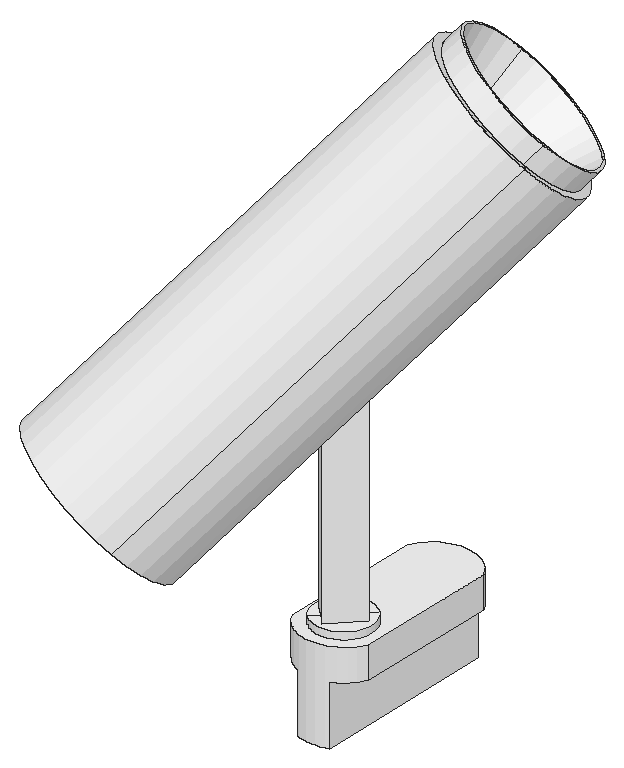
Revit family "0005526", category Lighting Fixtures, host Face, Revit 2017
Family settings
  Host = Face
  Round Connector Dimension = Use Diameter
  Part Type = Normal
  OmniClass Number = 23.80.70.00
  OmniClass Title = Lighting
  Cut with Voids When Loaded = No
  Light Source = No
  Shared = No
  Room Calculation Point = No
Parameters (values of type "0005526 LENZO L 32W 2000LM 930 GLB O/B WHITE - WB")
  Weight = "n/a"
  Wattage Comments = ""
  WarrantyStartDate [instance] = "n/a"
  WarrantyGuarantorParts = "n/a"
  WarrantyDurationUnit = "n/a"
  WarrantyDurationParts = "n/a"
  WarrantyDescription = "n/a"
  Voltage = 230 V
  VerticalRotation_SYL [instance] = 45.00°
  VerticalEndAngle_SYL [instance] = VerticalRotation_SYL - 180.00°  # -135.00°
  URL = "http://www.sylvania-lighting.com"
  TypeName = "LENZO L 32W 2000LM 930 GLB ON BOARD DIMMING WHITE - WB"
  TypeHead_SYL = Lenzo Head : 0005526 LENZO L 32W 2000LM 930 GLB O/B WHITE - WB
  Type Image = <None>
  Type Comments = "n/a"
  SerialNumber [instance] = "n/a"
  Material_3_SYL = none
  PowerFactor = 0
  PowerConsumption = "28 W"
  NominalLength = 76 mm
  NominalHeight = 305 mm
  NominalDepth = 76 mm
  Name = "LENZO L 32W 2000LM 930 GLB ON BOARD DIMMING WHITE - WB"
  ModelReference = Name  # "LENZO L 32W 2000LM 930 GLB ON BOARD DIMMING WHITE - WB"
  ModelNumber = "0005526"
  Model = Name  # "LENZO L 32W 2000LM 930 GLB ON BOARD DIMMING WHITE - WB"
  Material = "aluminium housing, none diffuser"
  ManufacturerName = "Feilo Sylvania"
  Manufacturer = "Feilo Sylvania"
  LuminousEfficacy = "70 lm/W"
  LuminaireType = ""
  LightOutputRatio = "n/a"
  LampsType = Lamp  # "LED"
  LampNominalLuminous = "1000/2000 lm"
  LampMacAdamStep = "3"
  LampColourTemperature = "3000 K"
  LampColourRenderingIndex = "90"
  Lamp = "LED"
  Keynote = "16500"
  InstallationDate [instance] = "n/a"
  InputVoltage = "220-240 V AC"
  InputNominalFrequency = "50/60 Hz"
  IngressProtection = "IP20"
  ImpactProtectionIndex = "IK02"
  IfcExportType = "IfcLightFixtureType"
  IfcExportAs = "IfcLightFixtureType"
  HorizontalRotation_SYL [instance] = -45.00°
  ExpectedLife = 50000
  ElectricShockClassification = "Class I"
  DurationUnit = "hours"
  DocumentationLiterature = "http://www.sylvania-lighting.com/product/en-int/products/0005526"
  DimmingControlOptions = "on board dimming"
  Material_2_SYL = Spacer-Sylvania-StartTrackSpot-Aluminium
  Description = "LENZO L 32W 2000LM 930 GLB O/B WHITE - WB"
  Default Elevation = 1219.2 mm
  CreatedOn = "9/25/2019"
  CreatedBy = "@sylvania-lighting.com"
  Cost = 0
  built-in parameter 1114216 [instance] = (empty or 0)
  ClassificationValue = "EF_70_80"
  ClassificationName = "Uniclass2015"
  Material_1_SYL = Body-Sylvania-StartTrackSpot-White
  BarCode [instance] = "n/a"
  AssetType = "Fixed"
  AssetIdentifier [instance] = "n/a"
  Assembly Code = "D5020200"
  Apparent Load = 28 VA
  Material_4_SYL = none
Types (2, lengths in mm): name | TypeName | TypeHead_SYL | Name | ModelReference | Model | Description
  0005526 LENZO L 32W 2000LM 930 GLB O/B WHITE - WB | "LENZO L 32W 2000LM 930 GLB ON BOARD DIMMING WHITE - WB" | Lenzo Head : 0005526 LENZO L 32W 2000LM 930 GLB O/B WHITE - WB | "LENZO L 32W 2000LM 930 GLB ON BOARD DIMMING WHITE - WB" | "LENZO L 32W 2000LM 930 GLB ON BOARD DIMMING WHITE - WB" | "LENZO L 32W 2000LM 930 GLB ON BOARD DIMMING WHITE - WB" | "LENZO L 32W 2000LM 930 GLB O/B WHITE - WB"
  0005526 LENZO L 32W 2000LM 930 GLB O/B WHITE - NB | "LENZO L 32W 2000LM 930 GLB ON BOARD DIMMING WHITE - NB" | Lenzo Head : 0005526 LENZO L 32W 2000LM 930 GLB O/B WHITE - NB | "LENZO L 32W 2000LM 930 GLB ON BOARD DIMMING WHITE - NB" | "LENZO L 32W 2000LM 930 GLB ON BOARD DIMMING WHITE - NB" | "LENZO L 32W 2000LM 930 GLB ON BOARD DIMMING WHITE - NB" | "LENZO L 32W 2000LM 930 GLB O/B WHITE - NB"
Reference planes
  plane 1 "Center (Front/Back)": y = 0
  plane 2: z = 0
  plane 3 "Center (Left/Right)": x = 0
  plane 4: x = 16.6
  plane 5: x = -16.6
  plane 6: x = 7
  plane 7: x = -7
  plane 8: x = -12.8
  plane 9: y = 42
  plane 10: y = 42
  plane 11: y = -42
  plane 12: y = 31.4
  plane 13: y = -31.4
  plane 14: z = -26
  plane 15: z = 14
  plane 16: z = 14
  plane 17: y = -17.4
  plane 18: y = -6.8
  plane 19: y = -24.4
Forms (mm)
  Extrusion 1, solid, material "Body-Sylvania-StartTrackSpot-White" <- "Material_1_SYL"
    sketch origin (0, 0, 0) x (1, 0, 0) y (0, 1, 0)
      loop
        line (-16.6, 31.4) -> (-16.6, -31.4)
        arc (-16.6, -31.4) -> (0, -42) -> (16.6, -31.4) r 18.298
        line (16.6, -31.4) -> (16.6, 31.4)
        arc (16.6, 31.4) -> (0, 42) -> (-16.6, 31.4) r 18.298
    from -26 to 14
  Extrusion 2, void
    sketch origin (0, 0, 0) x (1, 0, 0) y (0, 1, 0)
      loop
        arc (-7, 40.608) -> (-12.666, 36.907) -> (-16.6, 31.4) r 18.298
        line (-16.6, 31.4) -> (-16.6, -31.4)
        arc (-16.6, -31.4) -> (-12.666, -36.907) -> (-7, -40.608) r 18.298
        line (-7, -40.608) -> (-7, 40.608)
      loop
        line (16.6, -31.4) -> (16.6, 31.4)
        arc (16.6, 31.4) -> (12.666, 36.907) -> (7, 40.608) r 18.298
        line (7, 40.608) -> (7, -40.608)
        arc (7, -40.608) -> (12.666, -36.907) -> (16.6, -31.4) r 18.298
    from 0 to -26
  Revolve 3, solid, not visible
    sketch origin (1524, -24.4, 1219.2) x (1, 0, 0) y (0, 0, 1)
      loop
        line (-1524, -1202.5) -> (-1524, -1183.235) -> (-1531, -1183.235) -> (-1531, -1202.5) -> (-1524, -1202.5)
      axis (-1524, -1183.235) -> (-1524, -1202.5)
    angle from 45 <- "VerticalRotation_SYL" to -135 <- "VerticalEndAngle_SYL"
Cuts and joins
  Extrusion 2 cuts Extrusion 1
Lines and regions (mm)
  reference lines
    curve 1: circle (0, -24.4, 0) r 12.7 normal (0, 0, 1)
    curve 2: arc (-16.6, -31.4, 0) -> (0, -42, 0) -> (16.6, -31.4, 0) r 18.298
    curve 3: arc (-16.6, -17.4, 0) -> (0, -6.8, 0) -> (16.6, -17.4, 0) r 18.298
    curve 4: arc (-16.6, 31.4, 0) -> (0, 42, 0) -> (16.6, 31.4, 0) r 18.298
Dimensions and locks
  plane 6 to plane 3 "Center (Left/Right)" to plane 7 = 7 mm locked, 7 mm locked
  plane 4 to plane 3 "Center (Left/Right)" to plane 5 = 16.6 mm locked, 16.6 mm locked
  locked: plane 3 "Center (Left/Right)" to plane 8 at 12.8
  plane 11 to plane 1 "Center (Front/Back)" to plane 10 = 42 mm locked, 42 mm locked
  plane 13 to plane 1 "Center (Front/Back)" to plane 12 = 31.4 mm locked, 31.4 mm locked
  locked: plane 2 to plane 14 at 26
  locked: plane 13 to plane 17 at 14
  locked: plane 17 to plane 18 at 10.6
  equal spacing: plane 13, plane 19, plane 17
  locked: plane 19 to curve 2 at 0.698
  locked: curve 3 to plane 19 at 0.698
  locked: plane 16 to plane 2 at 14
  aligned and locked: plane 2 to host face
  aligned and locked: level to host face
  aligned and locked: plane 3 "Center (Left/Right)" to curve 1
  aligned and locked: plane 19 to curve 1
  aligned and locked: plane 13 to curve 2  (x2)
  aligned and locked: plane 17 to curve 3  (x2)
  aligned and locked: plane 12 to curve 4  (x2)
  aligned and locked: plane 4 to curve 4
  aligned and locked: plane 3 "Center (Left/Right)" to curve 4
  aligned and locked: plane 5 to curve 2
  aligned and locked: plane 5 to curve 3
  aligned and locked: plane 4 to curve 3
  aligned and locked: plane 4 to curve 2
  aligned and locked: plane 12 to Extrusion 1 sketch curve
  aligned and locked: plane 13 to Extrusion 1 sketch curve
  aligned and locked: Extrusion 1 sketch curve to curve 4
  aligned and locked: Extrusion 1 sketch curve to curve 2
  aligned and locked: Extrusion 1 to plane 15
  aligned and locked: plane 14 to Extrusion 1
  aligned and locked: Extrusion 2 sketch curve to Extrusion 1  (x5)
  aligned and locked: Extrusion 2 sketch curve to plane 7
  aligned and locked: plane 14 to Extrusion 2
  aligned and locked: level to Extrusion 2
  aligned and locked: Revolve 3 sketch curve to plane 3 "Center (Left/Right)"
  aligned and locked: plane 16 to nested 1
  aligned and locked: plane 16 to plane 15
Automatic sketch dimensions
  plane 12 to curve 4 = 7.698 mm
  plane 12 to Extrusion 2 sketch curve = 0 mm
  Extrusion 2 sketch curve to Extrusion 2 sketch curve = 0 mm  (x2)
  Extrusion 2 sketch curve to plane 6 = 0 mm
  Revolve 3 sketch curve to plane 7 = 0 mm
  Revolve 3 sketch curve to Revolve 3 sketch curve = 19.265 mm
  plane 14 to Revolve 3 sketch curve = 583.6 mm
  Revolve 3 sketch curve to Revolve 3 sketch curve = 2558.594 mm
  Revolve 3 sketch curve to plane 3 "Center (Left/Right)" = 0 mm
  host sketch curve to host sketch curve = 200 mm  (x2)
  Revolve 3 sketch curve to plane 16 = 2.7 mm
  radius of curve 1 = 12.7 mm
Nested families
  nested 1: "Lenzo Arm" at (0, -24.4, 14) x (0, 0, -1) z (0.7071, 0.7071, 0), HorizontalRotation_SYL <- "HorizontalRotation_SYL", type "START Track Spot Integral WH"
    with HorizontalRotation_SYL -45.00°, HorizontalEndAngle_SYL -225.00°
  nested 2: "Lenzo Head" at (-14.453, -38.853, 130.44) x (0.7071, -0.7071, 0) z (-0.5, -0.5, -0.7071), type <- "TypeHead_SYL", type "0005526 LENZO L 32W 2000LM 930 GLB O/B WHITE - WB"
    with built-in parameter 1114216 (empty or 0)
Connectors
  electrical at (0, 0, 0), driven by "Apparent Load", driven by "PowerFactor", driven by "Voltage"
    settings: index 1, voltage 230 V, apparent load 28 VA, apparent load phase1 0 VA, apparent load phase2 0 VA, apparent load phase3 0 VA, power factor 0, load classification "Lighting", number of poles 1, system type 30, power factor state 1, is connector primary yes, connector utility no, sub classification motor no, connector description ""
Definition of nested family "Lenzo Arm"
  Parameters (values of type "START Track Spot Integral WH")
    URL = "http://www.sylvania-lighting.com"
    Type Image = (empty or 0)
    Type Comments = "n/a"
    Material_3_SYL = none
    Model = ""
    Manufacturer = "Feilo Sylvania"
    Keynote = ""
    Material_2_SYL = none
    HorizontalRotation_SYL [instance] = 0.00°
    HorizontalEndAngle_SYL [instance] = HorizontalRotation_SYL - 180.00°  # -180.00°
    Description = ""
    Default Elevation = 1219.2 mm
    Cost = 0
    Material_1_SYL = none
    Assembly Code = ""
    Material_4_SYL = none
  Reference planes
    plane 1 "Center (Front/Back)": y = 0
    plane 2: z = 0
    plane 3 "Center (Left/Right)": x = 0
    plane 4: x = -3
    plane 5: z = -12.5
    plane 6: z = 12.5
    plane 7: x = -96
    plane 8: z = 8
    plane 9: z = -8
    plane 10: x = -103
    plane 11: y = 5.5
    plane 12: y = -5.5
  Forms (mm)
    Extrusion 1, solid
      sketch origin (1116.2, 0, 0) x (1, 0, 0) y (0, 1, 0)
        loop
          line (-1283.103, 99.845) -> (-1283.103, -100.155) -> (-1083.103, -100.155) -> (-1083.103, 99.845) -> (-1283.103, 99.845)
      from 0 to -68.017
    Revolve 2, solid, material <- "Material_1_SYL"
      sketch origin (0, 0, 0) x (1, 0, 0) y (0, 0, 1)
        loop
          line (0, 0) -> (0, 12.5) -> (-3, 12.5) -> (-3, 0) -> (0, 0)
        axis (-3, 0) -> (0, 0)
      angle from 360 to 0
    Extrusion 3, solid, material <- "Material_1_SYL"
      sketch origin (0, 0, 0) x (1, 0, 0) y (0, 0, 1)
        loop
          line (-3, 8) -> (-103, 8) -> (-103, -8) -> (-3, -8) -> (-3, 8)
      from -5.5 to 5.5
    Revolve 4, solid, not visible
      sketch origin (-96, -4572, 2609.058) x (0, 0, 1) y (0, -1, 0)
        loop
          line (-2609.058, -4553.46) -> (-2609.058, -4590.54) -> (-2605.058, -4590.54) -> (-2605.058, -4553.46) -> (-2609.058, -4553.46)
        axis (-2609.058, -4553.46) -> (-2609.058, -4590.54)
      angle from 0 <- "HorizontalRotation_SYL" to -180 <- "HorizontalEndAngle_SYL"
  Dimensions and locks
    locked: plane 3 "Center (Left/Right)" to plane 4 at 3
    plane 6 to plane 2 to plane 5 = 12.5 mm locked, 12.5 mm locked
    equal spacing: Revolve 4 sketch curve, plane 1 "Center (Front/Back)", Revolve 4 sketch curve
    locked: Revolve 4 sketch curve to plane 1 "Center (Front/Back)" at 18.54
    locked: plane 4 to plane 10 at 100
    locked: plane 1 "Center (Front/Back)" to plane 11 at 5.5
    locked: plane 12 to plane 1 "Center (Front/Back)" at 5.5
    plane 8 to plane 2 to plane 9 = 8 mm, 8 mm
    locked: plane 7 to plane 10 at 7
    aligned and locked: plane 2 to Extrusion 1
    aligned and locked: level to Extrusion 1
    aligned and locked: plane 12 to Extrusion 3
    aligned and locked: Extrusion 3 to plane 11
    aligned and locked: plane 9 to Extrusion 3 sketch curve
    aligned and locked: Extrusion 3 sketch curve to plane 8
    aligned and locked: Extrusion 3 sketch curve to plane 10
    aligned and locked: Revolve 2 sketch curve to plane 6
Definition of nested family "Lenzo Head"
  Parameters (values of type "0005526 LENZO L 32W 2000LM 930 GLB O/B WHITE - NB")
    WidthCutOut_SYL = 13 mm  # constant formula
    Wattage Comments = "n/a"
    Wattage = 28 W
    built-in parameter 1150110 = 1 (stored number, unit not read)
    URL = "http://www.sylvania-lighting.com"
    Type Image = (empty or 0)
    Type Comments = "n/a"
    built-in parameter 1114217 = 1 (stored number, unit not read)
    Tilt Angle = 90.00°
    built-in parameter 1150109 = 1 (stored number, unit not read)
    built-in parameter 1150134 = (empty or 0)
    built-in parameter 1150113 = 1 (stored number, unit not read)
    S_SYL = no
    RadiusLensOut_SYL = 21 mm
    RadiusLensHolder_SYL = 1.8 mm  # constant formula
    RadiusHead_SYL = if(S_SYL, 30 mm, 38 mm)  # 38 mm
    RadiusEmission_SYL = 8 mm
    Photometric Web File = "0005526-NB.ies"
    Material_3_SYL = none
    Model = "LENZO L 32W 2000LM 930 GLB ON BOARD DIMMING WHITE - NB"
    Manufacturer = "Feilo Sylvania"
    built-in parameter 1150105 = 155.97 (stored number, unit not read)
    Lumens = 1960 lm
    built-in parameter 1150115 = 1 (stored number, unit not read)
    built-in parameter 1150137 = (empty or 0)
    built-in parameter 1150139 = (empty or 0)
    LensProtrusion_SYL = 27 mm
    built-in parameter 1150112 = 1 (stored number, unit not read)
    built-in parameter 1150114 = 1 (stored number, unit not read)
    Lamp = "LED"
    Keynote = "16500"
    Material_2_SYL = none
    built-in parameter 1150132 = (empty or 0)
    built-in parameter 1150102 = (empty or 0)
    built-in parameter 1150107 = 3000 (stored number, unit not read)
    built-in parameter 1150138 = (empty or 0)
    built-in parameter 1150106 = 1.5597 (stored number, unit not read)
    Height_SYL = if(S_SYL, 162 mm, 201 mm)  # 201 mm
    HeightCutOut_SYL = if(S_SYL, 76 mm, 96 mm)  # 96 mm
    Emit from Circle Diameter = RadiusLensOut_SYL * 2  # 42 mm
    Emit Shape Visible in Rendering = no
    built-in parameter 1150104 = 6.5032 (stored number, unit not read)
    DistRotateAxisY_SYL = if(S_SYL, 66 mm, 90 mm)  # 90 mm
    Dimming Lamp Color Temperature Shift = (empty or 0)
    Description = "LENZO L 32W 2000LM 930 GLB O/B WHITE - NB"
    DepthCutOut_SYL = 16 mm  # constant formula
    Default Elevation = 1219.2 mm
    Cost = 0
    Color Filter = 16777215
    built-in parameter 1114216 [instance] = (empty or 0)
    Material_1_SYL = none
    built-in parameter 1114218 = 1 (stored number, unit not read)
    built-in parameter 1150133 = 10 (stored number, unit not read)
    Assembly Code = "D5020200"
    Apparent Load = 28 VA
    Material_4_SYL = none
  Types (2, lengths in mm): name | Photometric Web File | Model | LensProtrusion_SYL | Description
    0005526 LENZO L 32W 2000LM 930 GLB O/B WHITE - WB | "0005526-WB.ies" | "LENZO L 32W 2000LM 930 GLB ON BOARD DIMMING WHITE - WB" | 10 | "LENZO L 32W 2000LM 930 GLB O/B WHITE - WB"
    0005526 LENZO L 32W 2000LM 930 GLB O/B WHITE - NB | "0005526-NB.ies" | "LENZO L 32W 2000LM 930 GLB ON BOARD DIMMING WHITE - NB" | 27 | "LENZO L 32W 2000LM 930 GLB O/B WHITE - NB"
  Reference planes
    plane 1 "Center (Front/Back)": y = 0
    plane 2: z = 0
    plane 3 "Center (Left/Right)": x = 0
    plane 4: x = 38
    plane 5: z = 90
    plane 6: z = -111
    plane 7: x = 34.5
    plane 8: x = 21
    plane 9: x = 8
    plane 10: z = -75
    plane 11: z = -6
    plane 12: x = 33.5
    plane 13: z = -88
    plane 14: z = -73
    plane 15: z = -1
    plane 16: x = 6.5
    plane 17: x = -6.5
    plane 18: y = -38
    plane 19: y = -22
    plane 20: y = -30
    plane 21: z = -138
    plane 22: x = 24.5
    plane 23: z = -113
    plane 24: z = -134.762
    plane 25: z = -134.762
    plane 26: x = 1.5
    plane 27: z = -82.762
    plane 28: x = -1.5
    plane 29: z = -84.762
    plane 30: z = -84.762
    plane 31: z = -132.762
    plane 32: x = -51.5
    plane 33: z = -132.762
    plane 34: z = -84.762
    plane 35: z = -134.762
    plane 36: z = -134.762
    plane 37: x = 26.5
    plane 38: z = -105
  Forms (mm)
    Extrusion 1, solid
      sketch origin (4.2, -1183.2, 0) x (1, 0, 0) y (0, 1, 0)
        loop
          line (-55.7, 1231.317) -> (-55.7, 1131.317) -> (44.3, 1131.317) -> (44.3, 1231.317) -> (-55.7, 1231.317)
      from 0 to -20
    Revolve 2, solid, material <- "Material_1_SYL"
      sketch origin (0, 0, 0) x (1, 0, 0) y (0, 0, 1)
        loop
          line (38, -111) -> (38, 90) -> (34.5, 90) -> (34.5, -111) -> (38, -111)
        axis (0, 90) -> (0, -111)
      angle from 360 to 0
    Revolve 3, solid, material <- "Material_1_SYL"
      sketch origin (0, 0, 0) x (1, 0, 0) y (0, 0, 1)
        loop
          line (34.5, 90) -> (0, 90) -> (0, -6) -> (34.5, -6) -> (34.5, 90)
        axis (0, 90) -> (0, -6)
      angle from 360 to 0
    Revolve 4, solid
      sketch origin (0, 0, 0) x (1, 0, 0) y (0, 0, 1)
        loop
          line (0, -75) -> (8, -75)
          arc (8, -75) -> (22.311, -78.438) -> (33.5, -88) r 31.51
          line (33.5, -88) -> (34.5, -88) -> (34.5, -73) -> (0, -73) -> (0, -75)
        axis (0, -73) -> (0, -88)
      angle from 360 to 0
    Extrusion 5, void
      sketch origin (1524, -38, 1219.2) x (-1, 0, 0) y (0, 0, 1)
        loop
          line (1530.5, -1225.2) -> (1530.5, -1129.2) -> (1517.5, -1129.2) -> (1517.5, -1225.2) -> (1530.5, -1225.2)
      from 0 to 16
    Revolve 6, solid, material <- "Material_1_SYL"
      sketch origin (0, 0, 0) x (1, 0, 0) y (0, 0, 1)
        loop
          line (34.5, -138) -> (34.5, -105) -> (24.5, -105) -> (24.5, -113) -> (33.5, -138) -> (34.5, -138)
        axis (0, -105) -> (0, -138)
      angle from 360 to 0
    Revolve 7, solid, material <- "Material_2_SYL"
      sketch origin (0, 0, 0) x (1, 0, 0) y (0, 0, 1)
        loop
          line (0, -113) -> (24.5, -113) -> (24.5, -105) -> (0, -105) -> (0, -113)
        axis (0, -105) -> (0, -113)
      angle from 360 to 0
  Cuts and joins
    Extrusion 5 cuts Revolve 3
    Extrusion 5 cuts Revolve 2
  Dimensions and locks
    "RadiusHead_SYL": plane 4 to plane 3 "Center (Left/Right)"
    "DistRotateAxisY_SYL": plane 5 to plane 2
    "Height_SYL": plane 5 to plane 6
    plane 4 to plane 7 = 3.5 mm
    "RadiusLensOut_SYL": plane 8 to plane 3 "Center (Left/Right)"
    "RadiusEmission_SYL": plane 9 to plane 3 "Center (Left/Right)"
    "HeightCutOut_SYL": plane 5 to plane 11
    plane 12 to plane 8 = 12.5 mm
    locked: plane 2 to plane 15 at 1
    equal spacing: plane 16, plane 3 "Center (Left/Right)", plane 17
    "WidthCutOut_SYL": plane 16 to plane 17
    "RadiusHead_SYL": plane 18 to plane 1 "Center (Front/Back)"
    "DepthCutOut_SYL": plane 18 to plane 19
    equal spacing: plane 18, plane 20, plane 19
    "LensProtrusion_SYL": plane 6 to plane 21
    locked: plane 14 to plane 10 at 2
    locked: plane 10 to plane 13 at 13
    locked: plane 7 to plane 22 at 10
    locked: plane 23 to plane 21 at 25
    locked: plane 7 to plane 12 at 1
    locked: plane 38 to plane 23 at 8
    locked: plane 13 to plane 6 at 23
    aligned and locked: plane 2 to Extrusion 1
    aligned and locked: level to Extrusion 1
    aligned and locked: Revolve 2 sketch curve to plane 3 "Center (Left/Right)"
    aligned and locked: Revolve 2 sketch curve to plane 6
    aligned and locked: Revolve 2 sketch curve to plane 4
    aligned and locked: plane 5 to Revolve 2 sketch curve
    aligned and locked: plane 7 to Revolve 2 sketch curve
    aligned and locked: Revolve 3 sketch curve to plane 3 "Center (Left/Right)"
    aligned and locked: Revolve 3 sketch curve to Revolve 2  (x3)
    aligned and locked: Revolve 3 sketch curve to plane 11
    aligned and locked: plane 3 "Center (Left/Right)" to Revolve 3 sketch curve
    aligned and locked: Revolve 4 sketch curve to plane 3 "Center (Left/Right)"  (x2)
    aligned and locked: plane 3 "Center (Left/Right)" to Revolve 4 sketch curve
    aligned and locked: plane 9 to Revolve 4 sketch curve
    aligned and locked: plane 10 to Revolve 4 sketch curve
    aligned and locked: plane 12 to Revolve 4 sketch curve
    aligned and locked: plane 13 to Revolve 4 sketch curve
    aligned and locked: plane 11 to Extrusion 5 sketch curve
    aligned and locked: Extrusion 5 sketch curve to plane 17
    aligned and locked: Extrusion 5 sketch curve to plane 5
    aligned and locked: plane 16 to Extrusion 5 sketch curve
    aligned and locked: Extrusion 5 to plane 19
    aligned and locked: plane 18 to Extrusion 5
    aligned and locked: plane 3 "Center (Left/Right)" to imposter light
    aligned and locked: imposter light to plane 1 "Center (Front/Back)"
    aligned and locked: Revolve 6 sketch curve to plane 3 "Center (Left/Right)"
    aligned and locked: plane 7 to Revolve 6 sketch curve
    aligned and locked: Revolve 6 sketch curve to plane 21
    aligned and locked: Revolve 6 sketch curve to plane 7
    aligned and locked: Revolve 7 sketch curve to Revolve 6  (x2)
    aligned and locked: Revolve 7 sketch curve to plane 3 "Center (Left/Right)"  (x2)
    aligned and locked: Revolve 6 to Revolve 7 sketch curve
    aligned and locked: imposter light to plane 23
  Automatic sketch dimensions
    plane 6 to Revolve 2 sketch curve = 487.1 mm
    Revolve 2 sketch curve to plane 5 = 2571.558 mm
    Revolve 4 sketch curve to plane 10 = 2 mm
    plane 6 to Revolve 4 sketch curve = 487.1 mm
    Revolve 4 sketch curve to plane 5 = 2571.558 mm
    Revolve 4 sketch curve to plane 7 = 0 mm
    plane 6 to Revolve 3 sketch curve = 487.1 mm
    Revolve 3 sketch curve to Revolve 3 sketch curve = 2571.558 mm
    Extrusion 1 sketch curve to Extrusion 1 sketch curve = 100 mm  (x2)
    Revolve 6 sketch curve to plane 22 = 0 mm
    Revolve 6 sketch curve to plane 12 = 0 mm
    Revolve 6 sketch curve to plane 23 = 0 mm
    Revolve 6 sketch curve to plane 38 = 0 mm
    Revolve 6 sketch curve to plane 5 = 2592.258 mm
    Revolve 7 sketch curve to plane 5 = 2592.258 mm
    plane 21 to Revolve 6 sketch curve = 456.4 mm
    plane 21 to Revolve 7 sketch curve = 456.4 mm
